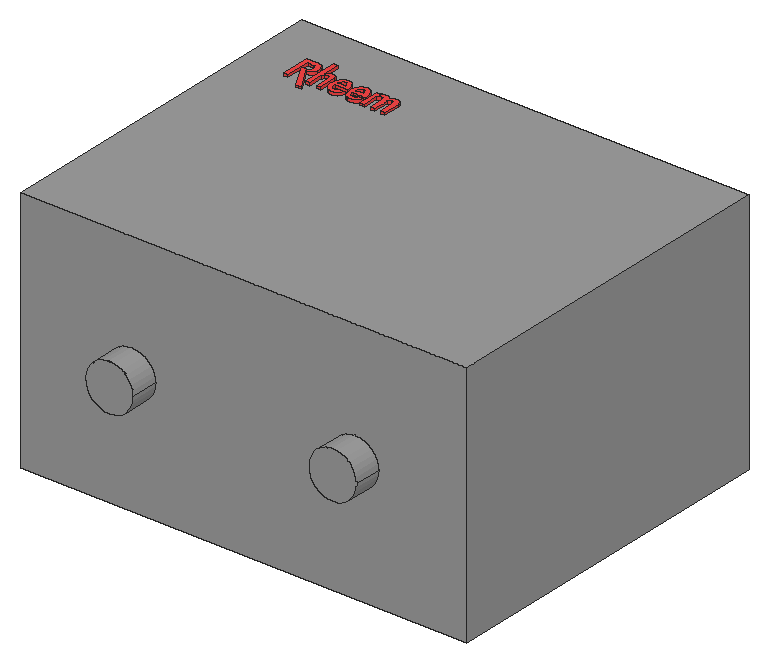
Revit family "DC_Rheem_PLM_940002UV_Disinfection", category Electrical Fixtures, host Face, Revit 2017
Family settings
  Host = Face
  Maintain Annotation Orientation = No
  Round Connector Dimension = Use Diameter
  Part Type = Normal
  Cut with Voids When Loaded = No
  Shared = No
  Room Calculation Point = No
Parameters
  Width_ANZRS = 380 mm
  URL = "http://www.rheem.com.au/CommercialProducts"
  Type Comments = ""
  PipeDia_ANZRS = 20 mm
  Model = "940002 UV Disinfection"
  Manufacturer = "Rheem"
  Height_ANZRS = 300 mm
  DesignBy_ANZRS = "GAH"
  Description = "Power Supply Cabinet"
  Depth_ANZRS = 210 mm
  Default Elevation = 0 mm
  CaseMaterial_ANZRS = Rheem - JoeyGreySteel_ANZRS
  ApprovedBy_ANZRS = "DM"
Reference planes
  plane 1 "Center (Front/Back)": y = 0
  plane 2: z = 0
  plane 3 "Center (Left/Right)": x = 0
Forms (mm)
  Extrusion 1, solid, material "Rheem - JoeyGreySteel_ANZRS" <- "CaseMaterial_ANZRS"
    sketch origin (0, 0, 0) x (1, 0, 0) y (0, 1, 0)
      loop
        line (-190, 150) -> (-190, -150) -> (190, -150) -> (190, 150) -> (-190, 150)
    from 0 to 210 <- "Depth_ANZRS"
  Extrusion 2, solid, material "Rheem - JoeyGreySteel_ANZRS" <- "CaseMaterial_ANZRS"
    sketch origin (190, -150, 0) x (-1, 0, 0) y (0, 0, -1)
      loop
        circle (285, -105) r 20
      loop
        circle (95, -105) r 20
    from 0 to 23.553
Dimensions and locks
  equal spacing: Extrusion 1 sketch curve, plane 3 "Center (Left/Right)", Extrusion 1 sketch curve
  "Width_ANZRS": Extrusion 1 sketch curve to Extrusion 1 sketch curve
  equal spacing: Extrusion 1 sketch curve, plane 1 "Center (Front/Back)", Extrusion 1 sketch curve
  "Height_ANZRS": Extrusion 1 sketch curve to Extrusion 1 sketch curve
  equal spacing: Extrusion 1, Extrusion 2 sketch curve, plane 2  (x2)
  equal spacing: Extrusion 1, Extrusion 2 sketch curve, plane 3 "Center (Left/Right)"  (x2)
  "PipeDia_ANZRS": radius of Extrusion 2 sketch curve  (x2)
  aligned and locked: plane 2 to host face
  aligned and locked: level to host face
Automatic sketch dimensions
  host sketch curve to host sketch curve = 2438.4 mm  (x2)
  Extrusion 2 sketch curve to Extrusion 1 = 95 mm
Nested families
  nested 1: "Rheem Logo" at (-110.692, 82.416, 210), type "Rheem Logo"
Definition of nested family "Rheem Logo"
  Parameters
    Default Elevation = 1219.2 mm
    Assembly Code = ""
  Reference planes
    plane 1 "Center (Front/Back)": y = 0
    plane 2: z = 0
    plane 3 "Center (Left/Right)": x = 0
  Forms (mm)
    Extrusion 1, solid
      sketch origin (0, 0, 0) x (1, 0, 0) y (0, 1, 0)
        loop
          line (-1219.2, 1219.2) -> (-1219.2, -1219.2) -> (1219.2, -1219.2) -> (1219.2, 1219.2) -> (-1219.2, 1219.2)
      from 0 to -304.8
    Extrusion 2, solid
      sketch origin (0, 0, 0) x (1, 0, 0) y (0, 1, 0)
        loop
          line (-41.894, 1.214) -> (-38.082, 1.214) -> (-38.082, 21.599) -> (-32.234, 21.599)
          arc (-32.234, 21.599) -> (-29.693, 18.062) -> (-32.234, 14.524) r 3.733
          line (-32.234, 14.524) -> (-37.193, 14.524) -> (-25.503, -6.017) -> (-21.057, -6.017) -> (-31.586, 12.168)
          arc (-31.586, 12.168) -> (-27.821, 13.513) -> (-25.921, 17.03) r 5.582
          arc (-25.921, 17.03) -> (-25.719, 18.742) -> (-25.921, 20.454) r 7.357
          arc (-25.921, 20.454) -> (-28.207, 24.104) -> (-32.234, 25.629) r 6.75
          line (-32.234, 25.629) -> (-41.894, 25.629) -> (-41.894, 1.214)
        loop
          line (-23.226, 1.185) -> (-19.437, 1.185) -> (-19.437, 13.012)
          arc (-19.437, 13.012) -> (-19.128, 14.152) -> (-18.458, 15.124) r 3.499
          arc (-18.458, 15.124) -> (-15.383, 15.705) -> (-13.789, 13.012) r 2.726
          line (-13.789, 13.012) -> (-13.789, 1.24) -> (-10.243, 1.24) -> (-10.243, 15.292)
          arc (-10.243, 15.292) -> (-11.786, 18.511) -> (-15.149, 19.709) r 4.688
          arc (-15.149, 19.709) -> (-17.647, 19.107) -> (-19.481, 17.308) r 4.826
          line (-19.481, 17.308) -> (-19.481, 30.829) -> (-23.226, 30.829) -> (-23.226, 1.185)
        loop
          line (23.175, 1.163) -> (26.995, 1.163) -> (26.995, 13.552)
          spline (26.995, 13.552) -> (27.371, 14.564) -> (27.804, 15.069) -> (28.281, 15.418) -> (28.811, 15.632) -> (29.379, 15.725) -> (29.95, 15.717) -> (30.497, 15.616) -> (30.99, 15.417) -> (31.391, 15.11) -> (31.695, 14.668) -> (31.964, 14.008) -> (32.183, 12.765)
          line (32.183, 12.765) -> (32.183, 1.163) -> (35.718, 1.163) -> (35.718, 13.552)
          spline (35.718, 13.552) -> (36.109, 14.517) -> (36.554, 15.006) -> (37.052, 15.326) -> (37.59, 15.559) -> (38.152, 15.707) -> (38.721, 15.73) -> (39.268, 15.631) -> (39.76, 15.428) -> (40.161, 15.119) -> (40.465, 14.673) -> (40.735, 14.008) -> (40.954, 12.758)
          line (40.954, 12.758) -> (40.954, 1.163) -> (44.476, 1.163) -> (44.476, 15.299)
          spline (44.476, 15.299) -> (43.848, 17.29) -> (43.019, 18.22) -> (42.37, 18.702) -> (41.804, 19.017) -> (41.149, 19.264) -> (40.313, 19.428) -> (39.374, 19.465) -> (38.467, 19.368) -> (37.722, 19.168) -> (37.096, 18.83) -> (36.406, 18.243) -> (35.372, 17.031)
          spline (35.372, 17.031) -> (34.429, 18.123) -> (33.829, 18.62) -> (33.238, 18.972) -> (32.579, 19.243) -> (31.849, 19.438) -> (31.208, 19.538) -> (30.654, 19.537) -> (29.928, 19.446) -> (29.163, 19.24) -> (28.532, 18.893) -> (27.886, 18.393) -> (26.982, 17.161)
          line (26.982, 17.161) -> (26.982, 19.137) -> (23.175, 19.137) -> (23.175, 1.163)
        loop
          line (-4.847, 12.542) -> (2.427, 12.542)
          spline (2.427, 12.542) -> (1.763, 14.183) -> (1.301, 14.891) -> (0.805, 15.438) -> (0.245, 15.904) -> (-0.324, 16.216) -> (-1.038, 16.34) -> (-1.827, 16.292) -> (-2.465, 16.063) -> (-2.917, 15.675) -> (-3.427, 15.167) -> (-4.048, 14.327) -> (-4.847, 12.542)
        loop
          line (-4.9, 9.047) -> (6.017, 9.047)
          spline (6.017, 9.047) -> (5.705, 13.107) -> (4.905, 15.268) -> (3.688, 17.194) -> (1.99, 18.63) -> (-0.152, 19.603) -> (-2.058, 19.605) -> (-4.184, 18.763) -> (-5.86, 17.359) -> (-7.198, 15.418) -> (-8.007, 13.176) -> (-8.32, 10.92) -> (-7.964, 7.03)
          spline (-7.964, 7.03) -> (-6.832, 4.362) -> (-5.715, 2.918) -> (-4.556, 1.919) -> (-3.443, 1.286) -> (-2.241, 0.913) -> (-0.925, 0.787) -> (0.345, 0.947) -> (1.513, 1.391) -> (2.668, 2.062) -> (3.767, 2.962) -> (4.809, 4.177) -> (5.833, 6.548)
          line (5.833, 6.548) -> (2.04, 6.548)
          spline (2.04, 6.548) -> (1.056, 5.131) -> (0.367, 4.642) -> (-0.297, 4.355) -> (-0.96, 4.223) -> (-1.562, 4.241) -> (-2.284, 4.517) -> (-3.007, 4.961) -> (-3.495, 5.411) -> (-3.891, 5.947) -> (-4.296, 6.68) -> (-4.648, 7.691) -> (-4.9, 9.047)
        loop
          line (10.749, 12.229) -> (18.023, 12.229)
          spline (18.023, 12.229) -> (17.358, 13.871) -> (16.897, 14.578) -> (16.4, 15.125) -> (15.841, 15.591) -> (15.271, 15.904) -> (14.557, 16.027) -> (13.768, 15.979) -> (13.131, 15.75) -> (12.679, 15.363) -> (12.168, 14.855) -> (11.547, 14.015) -> (10.749, 12.229)
        loop
          line (10.735, 9.008) -> (21.652, 9.008)
          spline (21.652, 9.008) -> (21.34, 13.068) -> (20.54, 15.228) -> (19.323, 17.155) -> (17.625, 18.591) -> (15.482, 19.564) -> (13.577, 19.566) -> (11.45, 18.724) -> (9.775, 17.319) -> (8.437, 15.379) -> (7.627, 13.137) -> (7.315, 10.881) -> (7.671, 6.991)
          spline (7.671, 6.991) -> (8.803, 4.323) -> (9.919, 2.879) -> (11.079, 1.88) -> (12.192, 1.247) -> (13.394, 0.874) -> (14.71, 0.748) -> (15.98, 0.908) -> (17.147, 1.352) -> (18.303, 2.023) -> (19.402, 2.923) -> (20.444, 4.138) -> (21.468, 6.509)
          line (21.468, 6.509) -> (17.675, 6.509)
          spline (17.675, 6.509) -> (16.691, 5.092) -> (16.002, 4.603) -> (15.338, 4.316) -> (14.675, 4.184) -> (14.073, 4.202) -> (13.351, 4.478) -> (12.627, 4.922) -> (12.14, 5.371) -> (11.743, 5.908) -> (11.339, 6.641) -> (10.986, 7.652) -> (10.735, 9.008)
      from 0 to 2
  Dimensions and locks
    aligned and locked: plane 2 to Extrusion 1
    aligned and locked: level to Extrusion 1
